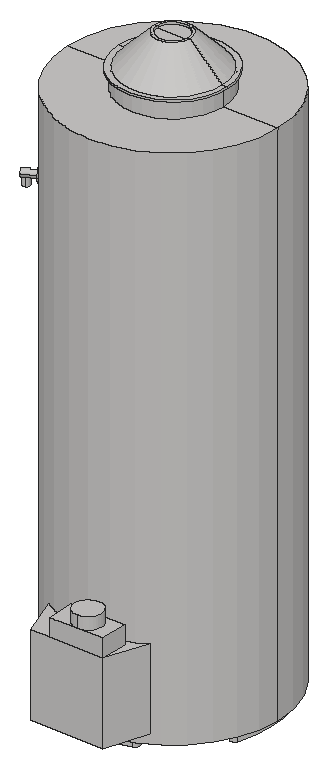
Revit family "DC_Rheem_PLM_HeavyDutyGas_620260", category Plumbing Fixtures, host Face, Revit 2018
Family settings
  Host = Face
  Round Connector Dimension = Use Radius
  Part Type = Normal
  Cut with Voids When Loaded = No
  Shared = No
  Room Calculation Point = No
Parameters (values of type "Heavy Duty Gas Storage - Indoor - 260L - 51 MJ/h - Natural gas")
  URL = "http://www.rheem.com.au/CommercialProducts"
  Type Comments = "385L first hour delivery @ 50oC rise\r\n"
  TotalHeightH1_ANZRS = 1660 mm
  T&PRConnectionRadius_ANZRS = 20 mm
  Thickness_ANZRS = 77 mm
  Model = "620260N0\r\n"
  Materials_ANZRS = Rheem - Joey Grey Steel
  Manufacturer = "Rheem\r\n"
  HotWaterPipeRadius_ANZRS = HotWaterPipeDiameterD1_ANZRS / 2  # 16 mm
  HotWaterPipeHeightH2_ANZRS = 988 mm
  HotWaterPipeDiameterD1_ANZRS = 32 mm
  HeightH2_ANZRS = 1520 mm
  GasPipeRadius_ANZRS = GasPipeDiameterD2_ANZRS / 2  # 7.5 mm
  GasPipeDiameterD2_ANZRS = 15 mm
  GasInletHeightH3_ANZRS = 297 mm
  FireProofBase_ANZRS = 50 mm
  DesignBy_ANZRS = "Design Content ©\r\n"
  Description = " Heavy Duty Gas Storage - Indoor - 260L - 51 MJ/h - Natural gas\r\n"
  Default Elevation = 0 mm
  CylinderRadius_ANZRS = CylinderDiameterD3_ANZRS / 2  # 296.5 mm
  CylinderDiameterD3_ANZRS = 593 mm
  ColdWaterPipeRadius_ANZRS = ColdWaterPipeDiameterD4_ANZRS / 2  # 16 mm
  ColdWaterPipeDiameterD4_ANZRS = 32 mm
  ColdWaterInletHeightH4_ANZRS = 278 mm
  Author_ANZRS = "DM"
  A1_ANZRS = CylinderDiameterD3_ANZRS / 2 + 30 mm  # 326.5 mm
Types (3, lengths in mm): name | Model | Description | ColdWaterInletHeightH4_ANZRS
  (no name) | "620260N0\r\n" | " Heavy Duty Gas Storage - Indoor - 260L - 51 MJ/h - Natural gas\r\n" | 278
  Heavy Duty Gas Storage - Indoor - 260L - 51 MJ/h - Natural gas | "620260N0\r\n" | " Heavy Duty Gas Storage - Indoor - 260L - 51 MJ/h - Natural gas\r\n" | 278
  Heavy Duty Gas Storage - Indoor - 260L - 47 MJ/h - Propane gas | "620260P0\r\n" | " Heavy Duty Gas Storage - Indoor - 260L - 47 MJ/h - Propane gas\r\n Heavy Duty Gas Storage - Indoor - 260L - 47 MJ/h - Propane gas\r\n" | 328
Reference planes
  plane 1 "Center (Front/Back)": y = 0
  plane 2: z = 0
  plane 3 "Center (Left/Right)": x = 0
  plane 4: z = 0
  plane 5 "Gas": z = 297
  plane 6: z = 278
  plane 7: z = 1520
  plane 8: z = 1660
  plane 9: x = -296.5
  plane 10: x = 296.5
  plane 11: z = 25
  plane 12: y = 296.5
  plane 13: y = -296.5
  plane 14: y = 373.5
  plane 15: y = -373.5
  plane 16: x = 373.5
  plane 17: x = -373.5
  plane 18: x = 50
  plane 19: x = -50
  plane 20: z = 1572.5
  plane 21: z = 1567.5
  plane 22 "Gas Ref": y = -328.5
  plane 23: x = -101.526
  plane 24: x = 101.526
  plane 25: z = 50
  plane 26: through (0, 0, 1219.2) normal (0.454, -0.891, 0)
  plane 27: z = 1316
  plane 28 "A": through (0, 0, 1219.2) normal (0.891, 0.454, 0)
  plane 29: through (-290.914, -148.228, 1219.2) normal (0.891, 0.454, 0)
  plane 30: through (-255.273, -130.068, 1219.2) normal (0.891, 0.454, 0)
  plane 31: x = -306.5
  plane 32: x = -286.5
  plane 33: z = 278
  plane 34: x = -52.817
  plane 35: z = 328
Forms (mm)
  Revolve 1, solid, material "Rheem - Joey Grey Steel" <- "Materials_ANZRS"
    sketch origin (0, 0, 0) x (1, 0, 0) y (0, 0, 1)
      loop
        line (0, 25) -> (296.5, 25) -> (296.5, 1520) -> (0, 1520) -> (0, 25)
      axis (0, 1520) -> (0, 25)
    angle from 0 to 360
  Extrusion 2, solid, material "Rheem - Joey Grey Steel" <- "Materials_ANZRS"
    sketch origin (0, 0, 0) x (1, 0, 0) y (0, 1, 0)
      loop
        arc (85.505, 234.923) -> (101.526, 242.394) -> (94.056, 258.415) r 12.5
        arc (94.056, 258.415) -> (0, 275) -> (-94.056, 258.415) r 275
        arc (-94.056, 258.415) -> (-101.526, 242.394) -> (-85.505, 234.923) r 12.5
        arc (-85.505, 234.923) -> (0, 250) -> (85.505, 234.923) r 250
      loop
        arc (85.505, -234.923) -> (0, -250) -> (-85.505, -234.923) r 250
        arc (-85.505, -234.923) -> (-101.526, -242.394) -> (-94.056, -258.415) r 12.5
        arc (-94.056, -258.415) -> (0, -275) -> (94.056, -258.415) r 275
        arc (94.056, -258.415) -> (101.526, -242.394) -> (85.505, -234.923) r 12.5
      loop
        arc (234.923, 85.505) -> (250, 0) -> (234.923, -85.505) r 250
        arc (234.923, -85.505) -> (242.394, -101.526) -> (258.415, -94.056) r 12.5
        arc (258.415, -94.056) -> (275, 0) -> (258.415, 94.056) r 275
        arc (258.415, 94.056) -> (242.394, 101.526) -> (234.923, 85.505) r 12.5
      loop
        arc (-234.923, 85.505) -> (-242.394, 101.526) -> (-258.415, 94.056) r 12.5
        arc (-258.415, 94.056) -> (-275, 0) -> (-258.415, -94.056) r 275
        arc (-258.415, -94.056) -> (-242.394, -101.526) -> (-234.923, -85.505) r 12.5
        arc (-234.923, -85.505) -> (-250, 0) -> (-234.923, 85.505) r 250
    from 0 to 25
  Revolve 3, solid, material "Rheem - Joey Grey Steel" <- "Materials_ANZRS"
    sketch origin (0, 0, 0) x (1, 0, 0) y (0, 0, 1)
      loop
        line (42.903, 1660) -> (42.903, 1655) -> (0, 1655) -> (0, 1520) -> (142.5, 1520) -> (142.5, 1567.5) -> (152.5, 1567.5) -> (152.5, 1572.5) -> (137.5, 1572.5) -> (50, 1660) -> (42.903, 1660)
      axis (0, 1660) -> (0, 1520)
    angle from 0 to 360
  Extrusion 4, solid, material "Rheem - Joey Grey Steel" <- "Materials_ANZRS"
    sketch origin (0, 0, 0) x (1, 0, 0) y (0, 1, 0)
      loop
        line (-101.526, -373.5) -> (101.526, -373.5) -> (142.916, -259.783)
        arc (142.916, -259.783) -> (0, -296.5) -> (-142.916, -259.783) r 296.5
        line (-142.916, -259.783) -> (-101.526, -373.5)
    from 50 to 278
  Extrusion 5, solid, material "Rheem - Joey Grey Steel" <- "Materials_ANZRS"
    sketch origin (0, 27.029, 0) x (1, 0, 0) y (0, 1, 0)
      loop
        line (-48.474, -325.165) -> (-48.474, -400.928) -> (101.526, -400.928) -> (101.526, -325.165) -> (-48.474, -325.165)
    from 328.014 to 278
  Extrusion 6, solid, material "Rheem - Joey Grey Steel" <- "Materials_ANZRS"
    sketch origin (0, 27.029, 0) x (1, 0, 0) y (0, 1, 0)
      loop
        circle (29.783, -362.847) r 37.682
    from 328.014 to 361.427
  Extrusion 7, solid, material "Rheem - Joey Grey Steel" <- "Materials_ANZRS"
    sketch origin (0, 0, 0) x (0, 1, 0) y (0, 0, 1)
      loop
        circle (0, 1316) r 16
      loop
        circle (0, 328) r 16
    from -306.5 to -286.5
  Extrusion 8, solid, material "Rheem - Joey Grey Steel" <- "Materials_ANZRS"
    sketch origin (0, 0, 0) x (0, 1, 0) y (0, 0, 1)
      loop
        circle (-328.5, 297) r 7.5
    from -48.474 to -52.817
Cuts and joins
  joined: Revolve 1, Extrusion 2, Revolve 3, Extrusion 4, Extrusion 5, Extrusion 6, Extrusion 7
Lines and regions (mm)
  Masking region 1
    outline origin (0, 0, 0) x (1, 0, 0) y (0, 0, 1)
      loop
        line (50, 1660) -> (-50, 1660) -> (-137.5, 1572.5) -> (-152.5, 1572.5) -> (-152.5, 1567.5) -> (-142.5, 1567.5) -> (-142.5, 1520) -> (-296.5, 1520) -> (-296.5, 1331.968) -> (-306.5, 1331.968) -> (-306.5, 1324.578)
        arc (-306.5, 1324.578) -> (-308.791, 1316) -> (-306.5, 1307.422) r 17.205
        line (-306.5, 1307.422) -> (-306.5, 1300.002) -> (-303.267, 1300.002) -> (-303.267, 1286.926) -> (-296.5, 1286.926) -> (-296.5, 323) -> (-306.5, 323) -> (-306.5, 271.5) -> (-296.5, 271.5) -> (-296.5, 25) -> (-275, 25) -> (-275, 0) -> (275, 0) -> (275, 25) -> (296.5, 25) -> (296.5, 1520) -> (142.5, 1520) -> (142.5, 1567.5) -> (152.5, 1567.5) -> (152.5, 1572.5) -> (137.5, 1572.5) -> (50, 1660)
  Masking region 2
    outline origin (0, 0, 0) x (0, 1, 0) y (0, 0, 1)
      loop
        line (296.5, 25) -> (296.5, 1520) -> (142.5, 1520) -> (142.5, 1567.5) -> (152.5, 1567.5) -> (152.5, 1572.5) -> (137.5, 1572.5) -> (50, 1660) -> (0, 1660) -> (-50, 1660) -> (-137.5, 1572.5) -> (-152.5, 1572.5) -> (-152.5, 1567.5) -> (-142.5, 1567.5) -> (-142.5, 1520) -> (-296.5, 1520) -> (-296.5, 361.427) -> (-373.5, 361.427) -> (-373.5, 50) -> (-296.5, 50) -> (-296.5, 25) -> (-275, 25) -> (-275, 0) -> (275, 0) -> (275, 25) -> (296.5, 25)
  symbolic lines, style "Rheem Heavy Duty Gas", detail levels fine
    curve 1: arc (296.5, 0, 0) -> (0, 296.5, 0) -> (-296.5, 0, 0) r 296.5
    curve 2: arc (-296.5, 0, 0) -> (0, -296.5, 0) -> (296.5, 0, 0) r 296.5
    curve 3: arc (-152.5, 0, 0) -> (0, -152.5, 0) -> (152.5, 0, 0) r 152.5
    curve 4: arc (137.5, 0, 0) -> (0, -137.5, 0) -> (-137.5, 0, 0) r 137.5
    curve 5: arc (-137.5, 0, 0) -> (0, 137.5, 0) -> (137.5, 0, 0) r 137.5
    curve 6: arc (152.5, 0, 0) -> (0, 152.5, 0) -> (-152.5, 0, 0) r 152.5
    curve 7: arc (50, 0, 0) -> (0, 50, 0) -> (-50, 0, 0) r 50
    curve 8: arc (42.903, 0, 0) -> (0, 42.903, 0) -> (-42.903, 0, 0) r 42.903
    curve 9: arc (-42.903, 0, 0) -> (0, -42.903, 0) -> (42.903, 0, 0) r 42.903
    curve 10: arc (-50, 0, 0) -> (0, -50, 0) -> (50, 0, 0) r 50
    curve 11: line (-142.916, -259.783, 0) -> (-101.526, -373.5, 0)
    curve 12: line (-101.526, -373.5, 0) -> (-48.474, -373.5, 0)
    curve 13: line (101.526, -373.5, 0) -> (142.916, -259.783, 0)
    curve 14: line (101.526, -298.135, 0) -> (-48.474, -298.135, 0)
    curve 15: line (101.526, -373.899, 0) -> (101.526, -298.135, 0)
    curve 16: line (-48.474, -373.899, 0) -> (101.526, -373.899, 0)
    curve 17: line (-48.474, -298.135, 0) -> (-48.474, -373.899, 0)
    curve 18: arc (29.783, -298.135, 0) -> (-7.9, -335.818, 0) -> (29.783, -373.5, 0) r 37.682
    curve 19: arc (29.783, -373.5, 0) -> (67.465, -335.818, 0) -> (29.783, -298.135, 0) r 37.682
    curve 20: line (-306.5, 45, 0) -> (-293.065, 45, 0)
    curve 21: line (-306.5, -45, 0) -> (-306.5, 45, 0)
    curve 22: line (-293.065, -45, 0) -> (-306.5, -45, 0)
    curve 23: line (50, 0, 1660) -> (-50, 0, 1660)
    curve 24: line (152.5, 0, 1572.5) -> (-152.5, 0, 1572.5)
    curve 25: line (152.5, 0, 1567.5) -> (-152.5, 0, 1567.5)
    curve 26: line (296.5, 0, 1520) -> (-296.5, 0, 1520)
    curve 27: line (296.5, 0, 1520) -> (296.5, 0, 25)
    curve 28: line (-296.5, 0, 1520) -> (-296.5, 0, 1324.578)
    curve 29: line (-306.5, 0, 323) -> (-306.5, 0, 271.5)
    curve 30: line (-306.5, 0, 323) -> (-296.5, 0, 323)
    curve 31: line (-306.5, 0, 271.5) -> (-296.5, 0, 271.5)
    curve 32: line (296.5, 0, 25) -> (-296.5, 0, 25)
    curve 33: line (-101.526, 0, 25) -> (-101.526, 0, 0)
    curve 34: line (101.526, 0, 25) -> (101.526, 0, 0)
    curve 35: line (-275, 0, 25) -> (-234.923, 0, 25)
    curve 36: line (-275, 0, 0) -> (-275, 0, 25)
    curve 37: line (-234.923, 0, 0) -> (-275, 0, 0)
    curve 38: line (-234.923, 0, 25) -> (-234.923, 0, 0)
    curve 39: line (275, 0, 25) -> (234.923, 0, 25)
    curve 40: line (275, 0, 0) -> (275, 0, 25)
    curve 41: line (234.923, 0, 0) -> (275, 0, 0)
    curve 42: line (234.923, 0, 25) -> (234.923, 0, 0)
    curve 43: line (-296.5, 0, 1286.926) -> (-296.5, 0, 25)
    curve 44: line (-50, 0, 1660) -> (-137.5, 0, 1572.5)
    curve 45: line (-142.5, 0, 1567.5) -> (-142.5, 0, 1520)
    curve 46: line (142.5, 0, 1567.5) -> (142.5, 0, 1520)
    curve 47: line (50, 0, 1660) -> (137.5, 0, 1572.5)
    curve 48: line (-142.916, 0, 278) -> (142.916, 0, 278)
    curve 49: line (-142.916, 0, 50) -> (-142.916, 0, 278)
    curve 50: line (142.916, 0, 50) -> (-142.916, 0, 50)
    curve 51: line (142.916, 0, 278) -> (142.916, 0, 50)
    curve 52: line (-101.526, 0, 278) -> (101.526, 0, 278)
    curve 53: line (-101.526, 0, 50) -> (-101.526, 0, 278)
    curve 54: line (101.526, 0, 50) -> (-101.526, 0, 50)
    curve 55: line (101.526, 0, 278) -> (101.526, 0, 50)
    curve 56: line (-48.474, 0, 328.014) -> (101.526, 0, 328.014)
    curve 57: line (-48.474, 0, 278) -> (-48.474, 0, 328.014)
    curve 58: line (101.526, 0, 278) -> (-48.474, 0, 278)
    curve 59: line (101.526, 0, 328.014) -> (101.526, 0, 278)
    curve 60: line (-7.9, 0, 361.427) -> (67.465, 0, 361.427)
    curve 61: line (-7.9, 0, 328.014) -> (-7.9, 0, 361.427)
    curve 62: line (67.465, 0, 328.014) -> (-7.9, 0, 328.014)
    curve 63: line (67.465, 0, 361.427) -> (67.465, 0, 328.014)
    curve 64: line (0, 296.5, 1520) -> (0, -296.5, 1520)
    curve 65: line (0, 296.5, 25) -> (0, 296.5, 1520)
    curve 66: line (0, -296.5, 25) -> (0, 296.5, 25)
    curve 67: line (0, -296.5, 1520) -> (0, -296.5, 297)
    curve 68: line (0, 102.28, 0) -> (0, 102.28, 25)
    curve 69: line (0, -102.28, 0) -> (0, 102.28, 0)
    curve 70: line (0, -102.28, 25) -> (0, -102.28, 0)
    curve 71: line (0, -234.169, 0) -> (0, -234.169, 25)
    curve 72: line (0, -275, 0) -> (0, -234.169, 0)
    curve 73: line (0, -275, 25) -> (0, -275, 0)
    curve 74: line (0, 234.169, 0) -> (0, 234.169, 25)
    curve 75: line (0, 275, 0) -> (0, 234.169, 0)
    curve 76: line (0, 275, 25) -> (0, 275, 0)
    curve 77: line (0, -259.783, 278) -> (0, -373.5, 278)
    curve 78: line (0, -259.783, 50) -> (0, -259.783, 278)
    curve 79: line (0, -373.5, 50) -> (0, -259.783, 50)
    curve 80: line (0, -373.5, 278) -> (0, -373.5, 50)
    curve 81: line (0, -296.5, 361.427) -> (0, -372.264, 361.427)
    curve 82: line (0, -296.5, 278) -> (0, -296.5, 361.427)
    curve 83: line (0, -372.264, 278) -> (0, -373.5, 278)
    curve 84: line (0, -372.264, 361.427) -> (0, -372.264, 278)
    curve 85: line (0, -296.5, 361.427) -> (0, -372.264, 361.427)
    curve 86: line (0, -296.5, 50) -> (0, -296.5, 25)
    curve 87: arc (0, -16, 328) -> (0, 0, 312) -> (0, 16, 328) r 16
    curve 88: arc (0, 16, 328) -> (0, 0, 344) -> (0, -16, 328) r 16
    curve 89: arc (0, -16, 1316) -> (0, 0, 1300) -> (0, 16, 1316) r 16
    curve 90: arc (0, 16, 1316) -> (0, 0, 1332) -> (0, -16, 1316) r 16
    curve 91: line (0, 50, 1660) -> (0, -50, 1660)
    curve 92: line (0, -50, 1660) -> (0, -137.5, 1572.5)
    curve 93: line (0, -137.5, 1572.5) -> (0, 137.5, 1572.5)
    curve 94: line (0, 137.5, 1572.5) -> (0, 50, 1660)
    curve 95: line (0, 152.5, 1572.5) -> (0, -152.5, 1572.5)
    curve 96: line (0, 152.5, 1567.5) -> (0, 152.5, 1572.5)
    curve 97: line (0, -152.5, 1567.5) -> (0, 152.5, 1567.5)
    curve 98: line (0, -152.5, 1572.5) -> (0, -152.5, 1567.5)
    curve 99: line (0, 142.5, 1567.5) -> (0, 142.5, 1520)
    curve 100: line (0, -142.5, 1567.5) -> (0, -142.5, 1520)
    curve 101: spline (-260.158, 0, 1342.38) -> (-257.806, 0, 1341.481) -> (-255.616, 0, 1338.846) -> (-253.734, 0, 1334.653) -> (-252.291, 0, 1329.19) -> (-251.383, 0, 1322.828) -> (-251.074, 0, 1316) -> (-251.383, 0, 1309.172) -> (-252.291, 0, 1302.81) -> (-253.734, 0, 1297.347) -> (-255.616, 0, 1293.154) -> (-257.806, 0, 1290.519) -> (-260.158, 0, 1289.62)
    curve 102: spline (-267.273, 0, 1289.62) -> (-268.21, 0, 1289.761) -> (-269.136, 0, 1290.181) -> (-270.043, 0, 1290.877) -> (-270.921, 0, 1291.84) -> (-271.759, 0, 1293.061) -> (-272.55, 0, 1294.527) -> (-273.284, 0, 1296.221) -> (-273.954, 0, 1298.127) -> (-274.553, 0, 1300.223) -> (-275.075, 0, 1302.487) -> (-275.513, 0, 1304.895) -> (-275.863, 0, 1307.422)
    curve 103: line (-267.273, 0, 1342.38) -> (-260.158, 0, 1342.38)
    curve 104: line (-267.273, 0, 1289.62) -> (-260.158, 0, 1289.62)
    curve 105: spline (-275.295, 0, 1307.422) -> (-272.871, 0, 1301.218) -> (-269.456, 0, 1297.871) -> (-265.709, 0, 1298.029) -> (-262.356, 0, 1301.66) -> (-260.044, 0, 1308.063) -> (-259.22, 0, 1316) -> (-260.044, 0, 1323.937) -> (-262.356, 0, 1330.34) -> (-265.709, 0, 1333.971) -> (-269.456, 0, 1334.129) -> (-272.871, 0, 1330.782) -> (-275.295, 0, 1324.578)
    curve 106: line (-306.5, 0, 1324.578) -> (-266.5, 0, 1324.578)
    curve 107: line (-266.5, 0, 1307.422) -> (-306.5, 0, 1307.422)
    curve 108: arc (-306.5, 0, 1324.578) -> (-308.791, 0, 1316) -> (-306.5, 0, 1307.422) r 17.205
    curve 109: spline (-275.863, 0, 1324.578) -> (-275.513, 0, 1327.105) -> (-275.075, 0, 1329.513) -> (-274.553, 0, 1331.777) -> (-273.954, 0, 1333.873) -> (-273.284, 0, 1335.779) -> (-272.55, 0, 1337.473) -> (-271.759, 0, 1338.939) -> (-270.921, 0, 1340.16) -> (-270.043, 0, 1341.123) -> (-269.136, 0, 1341.819) -> (-268.21, 0, 1342.239) -> (-267.273, 0, 1342.38)
    curve 110: arc (-266.5, 0, 1324.578) -> (-263.095, 0, 1316) -> (-266.5, 0, 1307.422) r 12.508
    curve 112: line (-302.372, 0, 1286.926) -> (-302.372, 0, 1307.422)
    curve 113: line (-286.5, 0, 1286.926) -> (-286.5, 0, 1307.422)
    curve 114: line (-302.372, 0, 1286.926) -> (-286.5, 0, 1286.926)
    curve 115: arc (0, -159.161, 1307.457) -> (0, -158.276, 1305.219) -> (0, -157.191, 1303.072) r 26.307
    curve 116: line (0, -132.547, 1324.684) -> (0, -159.112, 1324.684)
    curve 117: line (0, -132.547, 1307.457) -> (0, -139.427, 1307.457)
    curve 118: arc (0, -132.547, 1324.684) -> (0, -128.022, 1316.07) -> (0, -132.547, 1307.457) r 10.461
    curve 119: arc (0, -159.112, 1324.684) -> (0, -163.495, 1316.036) -> (0, -158.981, 1307.457) r 10.564
    curve 120: line (0, -139.427, 1307.457) -> (0, -139.427, 1286.926)
    curve 121: line (0, -139.427, 1286.926) -> (0, -157.191, 1286.926)
    curve 122: line (0, -157.191, 1286.926) -> (0, -157.191, 1307.457)
    curve 123: arc (0, -139.427, 1307.457) -> (0, -148.309, 1309.649) -> (0, -157.191, 1307.457) r 19.085
    curve 124: line (0, -157.191, 1307.457) -> (0, -159.161, 1307.457)
    curve 125: arc (0, -139.427, 1298.433) -> (0, -122.11, 1324.16) -> (0, -153.118, 1324.684) r 17.646
    curve 126: arc (0, -139.427, 1290.202) -> (0, -111.434, 1329.042) -> (0, -159.112, 1324.684) r 26.307
    curve 127: arc (0, -157.191, 1307.457) -> (0, -151.312, 1316.07) -> (0, -157.191, 1324.684) r 9.249
  symbolic lines, style "Rheem Heavy Duty Gas"
    curve 111: line (-306.5, 0, 1307.422) -> (-306.5, 0, 1287.422)
Dimensions and locks
  "GasInletHeightH3_ANZRS": plane 5 "Gas" to host face
  "ColdWaterInletHeightH4_ANZRS": plane 6 to host face
  "HeightH2_ANZRS": plane 7 to host face
  "TotalHeightH1_ANZRS": plane 8 to host face
  equal spacing: plane 10, plane 3 "Center (Left/Right)", plane 9
  "CylinderDiameterD3_ANZRS": plane 10 to plane 9
  locked: plane 11 to plane 4 at 25
  equal spacing: plane 12, plane 1 "Center (Front/Back)", plane 13
  "CylinderDiameterD3_ANZRS": plane 12 to plane 13
  "Thickness_ANZRS": plane 10 to plane 16
  "Thickness_ANZRS": plane 14 to plane 12
  "Thickness_ANZRS": plane 15 to plane 13
  "Thickness_ANZRS": plane 17 to plane 9
  equal spacing: plane 18, plane 3 "Center (Left/Right)", plane 19
  plane 19 to plane 18 = 100 mm
  plane 12 to plane 22 "Gas Ref" = 625 mm
  locked: plane 25 to plane 11 at 25
  "A1_ANZRS": plane 28 "A" to plane 29
  locked: plane 30 to plane 29 at 40
  locked: plane 31 to plane 9 at 10
  locked: plane 9 to plane 32 at 10
  locked: plane 34 to cut or joined group of Revolve 1, Extrusion 2, Revolve 3, Extrusion 4, Extrusion 5, Extrusion 6, Extrusion 7 at 4.343
  plane 6 to plane 4 = 278 mm
  plane 5 "Gas" to plane 4 = 297 mm  (x2)
  plane 33 to plane 4 = 278 mm
  cut or joined group of Revolve 1, Extrusion 2, Revolve 3, Extrusion 4, Extrusion 5, Extrusion 6, Extrusion 7 to plane 12 = 670.399 mm
  plane 35 to level = 328 mm
  "HotWaterPipeHeightH2_ANZRS": plane 27 to plane 35
  "ColdWaterPipeRadius_ANZRS": radius of Extrusion 7 sketch curve
  "HotWaterPipeRadius_ANZRS": radius of Extrusion 7 sketch curve
  "GasPipeRadius_ANZRS": radius of Extrusion 8 sketch curve
  angle plane 1 "Center (Front/Back)" to plane 26 = 27.00°
  aligned and locked: plane 2 to host face
  aligned and locked: level to host face
  aligned and locked: Revolve 1 sketch curve to plane 3 "Center (Left/Right)"
  aligned and locked: Revolve 1 sketch curve to plane 10
  aligned and locked: Revolve 1 sketch curve to plane 11
  aligned and locked: Revolve 1 to Extrusion 2
  aligned and locked: Extrusion 2 to plane 4
  aligned and locked: plane 7 to Revolve 1 sketch curve
  aligned and locked: plane 18 to Revolve 3 sketch curve
  aligned and locked: Revolve 3 sketch curve to plane 8
  aligned and locked: Extrusion 4 sketch curve to Revolve 1
  aligned: plane 5 "Gas" to Extrusion 4
  aligned and locked: Extrusion 4 to plane 25
  aligned: Extrusion 5 to plane 5 "Gas"
  aligned and locked: plane 1 "Center (Front/Back)" to Extrusion 7 sketch curve  (x2)
  aligned and locked: plane 27 to Extrusion 7 sketch curve
  aligned and locked: Extrusion 7 to plane 31
  aligned and locked: Extrusion 7 to plane 32
  aligned and locked: curve 1 to cut or joined group of Revolve 1, Extrusion 2, Revolve 3, Extrusion 4, Extrusion 5, Extrusion 6, Extrusion 7
  aligned and locked: curve 2 to cut or joined group of Revolve 1, Extrusion 2, Revolve 3, Extrusion 4, Extrusion 5, Extrusion 6, Extrusion 7
  aligned and locked: curve 3 to cut or joined group of Revolve 1, Extrusion 2, Revolve 3, Extrusion 4, Extrusion 5, Extrusion 6, Extrusion 7
  aligned and locked: curve 4 to cut or joined group of Revolve 1, Extrusion 2, Revolve 3, Extrusion 4, Extrusion 5, Extrusion 6, Extrusion 7
  aligned and locked: curve 5 to cut or joined group of Revolve 1, Extrusion 2, Revolve 3, Extrusion 4, Extrusion 5, Extrusion 6, Extrusion 7
  aligned and locked: curve 6 to cut or joined group of Revolve 1, Extrusion 2, Revolve 3, Extrusion 4, Extrusion 5, Extrusion 6, Extrusion 7
  aligned and locked: curve 7 to cut or joined group of Revolve 1, Extrusion 2, Revolve 3, Extrusion 4, Extrusion 5, Extrusion 6, Extrusion 7
  aligned and locked: curve 8 to cut or joined group of Revolve 1, Extrusion 2, Revolve 3, Extrusion 4, Extrusion 5, Extrusion 6, Extrusion 7
  aligned and locked: curve 9 to cut or joined group of Revolve 1, Extrusion 2, Revolve 3, Extrusion 4, Extrusion 5, Extrusion 6, Extrusion 7
  aligned and locked: curve 10 to cut or joined group of Revolve 1, Extrusion 2, Revolve 3, Extrusion 4, Extrusion 5, Extrusion 6, Extrusion 7
  aligned and locked: curve 11 to cut or joined group of Revolve 1, Extrusion 2, Revolve 3, Extrusion 4, Extrusion 5, Extrusion 6, Extrusion 7
  aligned and locked: curve 12 to cut or joined group of Revolve 1, Extrusion 2, Revolve 3, Extrusion 4, Extrusion 5, Extrusion 6, Extrusion 7
  aligned and locked: curve 13 to cut or joined group of Revolve 1, Extrusion 2, Revolve 3, Extrusion 4, Extrusion 5, Extrusion 6, Extrusion 7
  aligned and locked: curve 18 to cut or joined group of Revolve 1, Extrusion 2, Revolve 3, Extrusion 4, Extrusion 5, Extrusion 6, Extrusion 7
  aligned and locked: curve 19 to cut or joined group of Revolve 1, Extrusion 2, Revolve 3, Extrusion 4, Extrusion 5, Extrusion 6, Extrusion 7
  aligned and locked: curve 21 to cut or joined group of Revolve 1, Extrusion 2, Revolve 3, Extrusion 4, Extrusion 5, Extrusion 6, Extrusion 7
  aligned and locked: Masking region 1 sketch curve to cut or joined group of Revolve 1, Extrusion 2, Revolve 3, Extrusion 4, Extrusion 5, Extrusion 6, Extrusion 7  (x5)
  aligned and locked: plane 10 to Masking region 1 sketch curve
  aligned and locked: Masking region 1 sketch curve to plane 9
  aligned and locked: cut or joined group of Revolve 1, Extrusion 2, Revolve 3, Extrusion 4, Extrusion 5, Extrusion 6, Extrusion 7 to Masking region 1 sketch curve
  aligned and locked: curve 64 to cut or joined group of Revolve 1, Extrusion 2, Revolve 3, Extrusion 4, Extrusion 5, Extrusion 6, Extrusion 7
  aligned and locked: plane 12 to curve 65
  aligned and locked: curve 66 to cut or joined group of Revolve 1, Extrusion 2, Revolve 3, Extrusion 4, Extrusion 5, Extrusion 6, Extrusion 7
  aligned and locked: plane 13 to curve 67
  aligned and locked: curve 87 to cut or joined group of Revolve 1, Extrusion 2, Revolve 3, Extrusion 4, Extrusion 5, Extrusion 6, Extrusion 7
  aligned and locked: curve 88 to cut or joined group of Revolve 1, Extrusion 2, Revolve 3, Extrusion 4, Extrusion 5, Extrusion 6, Extrusion 7
  aligned and locked: curve 89 to cut or joined group of Revolve 1, Extrusion 2, Revolve 3, Extrusion 4, Extrusion 5, Extrusion 6, Extrusion 7
  aligned and locked: curve 90 to cut or joined group of Revolve 1, Extrusion 2, Revolve 3, Extrusion 4, Extrusion 5, Extrusion 6, Extrusion 7
  aligned and locked: Masking region 2 sketch curve to curve 65
  aligned and locked: Masking region 2 sketch curve to cut or joined group of Revolve 1, Extrusion 2, Revolve 3, Extrusion 4, Extrusion 5, Extrusion 6, Extrusion 7  (x9)
  aligned and locked: cut or joined group of Revolve 1, Extrusion 2, Revolve 3, Extrusion 4, Extrusion 5, Extrusion 6, Extrusion 7 to Masking region 2 sketch curve  (x4)
  aligned and locked: Masking region 2 sketch curve to curve 67
  aligned and locked: Masking region 2 sketch curve to curve 86
  aligned and locked: Masking region 2 sketch curve to curve 76
  aligned and locked: Masking region 2 sketch curve to curve 73
  aligned and locked: Masking region 2 sketch curve to curve 99
  aligned and locked: Masking region 2 sketch curve to curve 94
  aligned and locked: Masking region 2 sketch curve to curve 96
  aligned and locked: Masking region 2 sketch curve to curve 92
  aligned and locked: Masking region 2 sketch curve to curve 98
  aligned and locked: Masking region 2 sketch curve to curve 100
  aligned and locked: curve 77 to cut or joined group of Revolve 1, Extrusion 2, Revolve 3, Extrusion 4, Extrusion 5, Extrusion 6, Extrusion 7
  aligned and locked: plane 33 to cut or joined group of Revolve 1, Extrusion 2, Revolve 3, Extrusion 4, Extrusion 5, Extrusion 6, Extrusion 7
  aligned and locked: cut or joined group of Revolve 1, Extrusion 2, Revolve 3, Extrusion 4, Extrusion 5, Extrusion 6, Extrusion 7 to plane 33
  aligned and locked: plane 5 "Gas" to Extrusion 8 sketch curve
  aligned and locked: plane 22 "Gas Ref" to Extrusion 8 sketch curve
  aligned and locked: cut or joined group of Revolve 1, Extrusion 2, Revolve 3, Extrusion 4, Extrusion 5, Extrusion 6, Extrusion 7 to Extrusion 8
  aligned and locked: Extrusion 8 to plane 34
  aligned and locked: curve 52 to plane 33
  aligned and locked: plane 35 to Extrusion 7 sketch curve
Automatic sketch dimensions
  host sketch curve to host sketch curve = 2438.4 mm  (x2)
  Revolve 1 sketch curve to plane 3 "Center (Left/Right)" = 0 mm
  Revolve 1 sketch curve to level = 609.6 mm
  Revolve 1 sketch curve to Revolve 1 sketch curve = 1089.058 mm
  Extrusion 2 sketch curve to Extrusion 2 sketch curve = 0 mm  (x68)
  plane 1 "Center (Front/Back)" to Extrusion 2 sketch curve = 0 mm
  Extrusion 2 sketch curve to plane 3 "Center (Left/Right)" = 0 mm
  Extrusion 2 sketch curve to plane 3 "Center (Left/Right)" = 85.505 mm  (x2)
  Extrusion 2 sketch curve to Extrusion 2 sketch curve = 4.275 mm  (x4)
  plane 9 to Extrusion 2 sketch curve = 61.577 mm  (x2)
  Extrusion 2 sketch curve to Extrusion 2 sketch curve = 11.746 mm  (x4)
  plane 3 "Center (Left/Right)" to Extrusion 2 sketch curve = 85.505 mm  (x2)
  plane 10 to Extrusion 2 sketch curve = 61.577 mm  (x2)
  plane 1 "Center (Front/Back)" to Extrusion 2 sketch curve = 85.505 mm  (x2)
  Extrusion 2 sketch curve to Extrusion 2 sketch curve = 149.418 mm  (x2)
  Revolve 3 sketch curve to plane 3 "Center (Left/Right)" = 0 mm  (x2)
  Revolve 3 sketch curve to Revolve 3 sketch curve = 7.097 mm
  plane 7 to Revolve 3 sketch curve = 52.5 mm
  Revolve 3 sketch curve to Revolve 3 sketch curve = 94.597 mm
  Revolve 3 sketch curve to Revolve 3 sketch curve = 5 mm  (x2)
  Revolve 3 sketch curve to Revolve 3 sketch curve = 10 mm
  Revolve 3 sketch curve to level = 609.6 mm
  Revolve 3 sketch curve to plane 8 = 5 mm
  Revolve 3 sketch curve to Revolve 3 sketch curve = 949.058 mm
  Revolve 3 sketch curve to plane 7 = 0 mm
  Extrusion 4 sketch curve to plane 23 = 0 mm
  Extrusion 4 sketch curve to plane 24 = 0 mm
  Extrusion 4 sketch curve to plane 13 = 36.717 mm  (x2)
  Extrusion 6 sketch curve to Extrusion 6 sketch curve = 0 mm  (x2)
  Extrusion 6 sketch curve to plane 18 = 20.217 mm
  plane 15 to Extrusion 6 sketch curve = 0 mm
  Extrusion 6 sketch curve to plane 15 = 37.682 mm
  plane 15 to Extrusion 4 sketch curve = 0 mm
  plane 9 to curve 22 = 3.435 mm
  plane 9 to curve 20 = 3.435 mm
  Extrusion 5 sketch curve to plane 24 = 0 mm
  Extrusion 5 sketch curve to plane 19 = 1.526 mm
  plane 15 to Extrusion 5 sketch curve = 0.399 mm
  plane 13 to Extrusion 5 sketch curve = 1.635 mm
  Masking region 1 sketch curve to plane 31 = 0 mm  (x2)
  Masking region 1 sketch curve to plane 9 = 0 mm  (x2)
  Masking region 1 sketch curve to plane 27 = 0 mm
  Masking region 1 sketch curve to plane 11 = 0 mm
  Masking region 1 sketch curve to plane 4 = 0 mm
  Masking region 1 sketch curve to plane 20 = 0 mm
  Masking region 1 sketch curve to plane 21 = 0 mm
  Masking region 1 sketch curve to plane 7 = 0 mm
  Masking region 1 sketch curve to plane 19 = 0 mm
  Masking region 1 sketch curve to plane 18 = 0 mm
  plane 31 to Masking region 1 sketch curve = 3.233 mm
  plane 9 to Masking region 1 sketch curve = 4.914 mm
  Masking region 1 sketch curve to plane 32 = 11.5 mm
  Masking region 1 sketch curve to plane 23 = 50.974 mm
  Masking region 1 sketch curve to Masking region 1 sketch curve = 10 mm  (x2)
  Masking region 1 sketch curve to Masking region 1 sketch curve = 5 mm  (x2)
  Masking region 1 sketch curve to plane 24 = 35.974 mm
  plane 10 to Masking region 1 sketch curve = 21.5 mm
  Masking region 1 sketch curve to plane 33 = 6.5 mm
  plane 6 to Masking region 1 sketch curve = 45 mm
  Masking region 1 sketch curve to plane 27 = 29.074 mm
  Masking region 1 sketch curve to Masking region 1 sketch curve = 13.076 mm
  Masking region 1 sketch curve to Masking region 1 sketch curve = 7.42 mm
  Masking region 1 sketch curve to Masking region 1 sketch curve = 7.39 mm
  Masking region 2 sketch curve to plane 1 "Center (Front/Back)" = 0 mm
  Masking region 2 sketch curve to plane 4 = 0 mm
  curve 106 to plane 31 = 0 mm
  curve 111 to plane 31 = 0 mm
  curve 31 to plane 31 = 0 mm
  curve 26 to plane 7 = 0 mm
  curve 26 to plane 9 = 0 mm
  curve 43 to plane 9 = 0 mm
  curve 108 to plane 27 = 0 mm
  plane 32 to curve 113 = 0 mm
  curve 102 to plane 27 = 0 mm
  curve 109 to plane 27 = 0 mm
  curve 110 to plane 27 = 0 mm
  curve 37 to level = 0 mm
  curve 35 to plane 11 = 0 mm
  curve 101 to plane 27 = 0 mm
  curve 105 to plane 27 = 0 mm
  curve 24 to plane 20 = 0 mm
  curve 25 to plane 21 = 0 mm
  curve 49 to plane 25 = 0 mm
  curve 49 to plane 33 = 0 mm
  curve 45 to plane 21 = 0 mm
  curve 45 to plane 7 = 0 mm
  curve 44 to plane 20 = 0 mm
  curve 54 to plane 23 = 0 mm
  curve 33 to plane 11 = 0 mm
  curve 33 to plane 23 = 0 mm
  curve 44 to plane 8 = 0 mm
  curve 44 to plane 19 = 0 mm
  curve 23 to plane 18 = 0 mm
  plane 24 to curve 55 = 0 mm
  plane 24 to curve 34 = 0 mm
  curve 47 to plane 20 = 0 mm
  curve 46 to plane 21 = 0 mm
  curve 46 to plane 7 = 0 mm
  curve 39 to plane 11 = 0 mm
  curve 41 to level = 0 mm
  plane 10 to curve 27 = 0 mm
  curve 33 to level = 0 mm
  curve 34 to level = 0 mm
  curve 54 to plane 25 = 0 mm
  plane 31 to curve 114 = 4.128 mm
  plane 9 to curve 108 = 4.914 mm
  curve 102 to plane 32 = 10.143 mm
  curve 109 to curve 102 = 0 mm
  curve 109 to curve 102 = 0.494 mm
  curve 102 to curve 109 = 0.494 mm
  curve 102 to curve 110 = 0.754 mm
  curve 102 to curve 105 = 0.568 mm
  curve 37 to plane 32 = 11.5 mm
  curve 110 to curve 101 = 6.361 mm
  curve 101 to curve 105 = 1.498 mm
  curve 109 to plane 32 = 19.227 mm
  curve 102 to curve 107 = 0.773 mm
  curve 102 to curve 101 = 7.115 mm
  curve 35 to curve 35 = 40.077 mm
  curve 24 to plane 23 = 50.974 mm
  curve 24 to curve 25 = 0 mm  (x2)
  curve 49 to curve 53 = 41.39 mm
  curve 25 to curve 45 = 10 mm
  curve 45 to curve 44 = 5 mm
  curve 57 to plane 19 = 1.526 mm
  curve 61 to plane 3 "Center (Left/Right)" = 7.9 mm
  plane 18 to curve 62 = 17.465 mm
  curve 47 to plane 24 = 35.974 mm
  curve 47 to curve 46 = 5 mm
  curve 54 to curve 51 = 41.39 mm
  curve 46 to curve 24 = 10 mm
  plane 10 to curve 39 = 61.577 mm
  plane 10 to curve 39 = 21.5 mm
  curve 31 to plane 33 = 6.5 mm
  plane 6 to curve 30 = 45 mm
  plane 6 to curve 56 = 50.014 mm
  curve 62 to curve 56 = 0 mm
  curve 61 to curve 60 = 33.413 mm
  curve 113 to plane 27 = 29.074 mm
  curve 112 to curve 111 = 0.496 mm
  curve 113 to curve 102 = 2.694 mm
  curve 102 to curve 105 = 7.874 mm
  curve 115 to curve 126 = 0 mm  (x2)
  curve 77 to plane 15 = 0 mm
  curve 82 to plane 13 = 0 mm
  curve 66 to plane 13 = 0 mm
  curve 72 to level = 0 mm
  curve 78 to plane 25 = 0 mm
  curve 95 to plane 20 = 0 mm
  curve 97 to plane 21 = 0 mm
  curve 125 to plane 27 = 0 mm
  curve 93 to plane 20 = 0 mm
  curve 115 to plane 27 = 0 mm
  curve 70 to level = 0 mm
  curve 91 to plane 8 = 0 mm
  curve 74 to level = 0 mm
  curve 67 to plane 5 "Gas" = 0 mm
  curve 85 to plane 15 = 1.236 mm
  curve 72 to plane 13 = 21.5 mm
  curve 73 to curve 78 = 15.217 mm
  curve 72 to curve 71 = 40.831 mm
  plane 27 to curve 127 = 0.07 mm
  curve 127 to plane 13 = 135.939 mm
  curve 127 to curve 115 = 1.4 mm
  curve 127 to curve 126 = 1.449 mm
  curve 115 to curve 119 = 0.179 mm
  curve 119 to curve 115 = 1.79 mm
  curve 116 to curve 127 = 1.921 mm
  curve 127 to curve 125 = 4.073 mm
  plane 27 to curve 119 = 0.117 mm
  curve 127 to curve 119 = 7.63 mm
  curve 95 to plane 13 = 144 mm
  curve 121 to curve 123 = 8.882 mm
  curve 97 to curve 100 = 10 mm
  curve 123 to curve 125 = 8.882 mm
  plane 27 to curve 118 = 0.07 mm
  curve 117 to curve 118 = 0.944 mm
  curve 118 to curve 125 = 0.726 mm
  curve 100 to curve 93 = 5 mm
  curve 125 to curve 115 = 3.477 mm
  curve 115 to curve 116 = 1.733 mm
  plane 1 "Center (Front/Back)" to curve 70 = 102.28 mm
  plane 1 "Center (Front/Back)" to curve 91 = 50 mm
  curve 91 to plane 1 "Center (Front/Back)" = 50 mm
  curve 68 to plane 1 "Center (Front/Back)" = 102.28 mm
  curve 91 to curve 93 = 87.5 mm
  curve 93 to curve 99 = 5 mm
  curve 99 to curve 95 = 10 mm
  curve 74 to plane 12 = 62.331 mm
  curve 75 to plane 12 = 21.5 mm
  curve 67 to curve 85 = 64.427 mm
  curve 121 to curve 126 = 3.276 mm
  curve 126 to curve 123 = 0.362 mm
  curve 15 to plane 24 = 0 mm
  plane 15 to curve 16 = 0.399 mm
  curve 16 to plane 19 = 1.526 mm
Nested families
  nested 1: "Rheem Valve" at (-286.459, -145.958, 1266) x (0.454, -0.891, 0) z (0, 0, 1), type "Rheem Valve"
Connectors
  piping at (-48.474, -328.5, 297), diameter 15, driven by "GasPipeRadius_ANZRS"
    settings: on Extrusion 8, index 1, connector inside diameter 0.59055", connector length 0 mm, flow factor 0, pipe flow 0 GPM, pressure drop 0.00 psi, fitting loss kfactor 0, connector angle 0.00°, fixture units 0, engagement length 0 mm, angle of deflection 0.00°, flow configuration 1, flow direction 1, fitting loss method 0, system type 22, joint type 0, gender type 0, connector reference index -1, connector utility 0, adjustable connector no, is connector primary yes, connector description ""
  piping at (-306.5, 0, 328), diameter 32, driven by "ColdWaterPipeRadius_ANZRS"
    settings: on cut or joined group of Revolve 1, Extrusion 2, Revolve 3, Extrusion 4, Extrusion 5, Extrusion 6, Extrusion 7, index 2, connector inside diameter 1.25984", connector length 0 mm, flow factor 0, pipe flow 0 GPM, pressure drop 0.00 psi, fitting loss kfactor 0, connector angle 0.00°, fixture units 0, engagement length 0 mm, angle of deflection 0.00°, flow configuration 1, flow direction 1, fitting loss method 0, system type 20, joint type 0, gender type 0, connector reference index -1, connector utility 0, adjustable connector no, is connector primary no, connector description ""
  piping at (-306.5, 0, 1316), diameter 32, driven by "HotWaterPipeRadius_ANZRS"
    settings: on cut or joined group of Revolve 1, Extrusion 2, Revolve 3, Extrusion 4, Extrusion 5, Extrusion 6, Extrusion 7, index 3, connector inside diameter 1.25984", connector length 0 mm, flow factor 0, pipe flow 0 GPM, pressure drop 0.00 psi, fitting loss kfactor 0, connector angle 0.00°, fixture units 0, engagement length 0 mm, angle of deflection 0.00°, flow configuration 1, flow direction 2, fitting loss method 0, system type 19, joint type 0, gender type 0, connector reference index -1, connector utility 0, adjustable connector no, is connector primary no, connector description ""
  piping at (-293.267, -149.427, 1236.926), diameter 20
    settings: on nested 1, index 5, connector inside diameter 0.7874", connector length 0 mm, flow factor 0, pipe flow 0 GPM, pressure drop 0.00 psi, fitting loss kfactor 0, connector angle 0.00°, fixture units 0, engagement length 0 mm, angle of deflection 0.00°, flow configuration 1, flow direction 2, fitting loss method 0, system type 16, joint type 0, gender type 0, connector reference index -1, connector utility 0, adjustable connector no, is connector primary no, connector description ""
Definition of nested family "Rheem Valve"
  Parameters
    Material_ANZRS = none
    Assembly Code = ""
  Reference planes
    plane 1 "Center (Front/Back)": y = 0
    plane 2: z = 0
    plane 3 "Center (Left/Right)": x = 0
  Forms (mm)
    Extrusion 1, solid, material <- "Material_ANZRS"
      sketch origin (0, 0, 0) x (1, 0, 0) y (0, 1, 0)
        loop
          circle (0, -7.641) r 10
      from 0 to -29.074
    Revolve 2, solid, material <- "Material_ANZRS"
      sketch origin (0, 0, 0) x (1, 0, 0) y (0, 1, 0)
        loop
          line (-27.668, 40) -> (-27.668, 25.616) -> (-18.681, 20) -> (-9.939, 20) -> (-9.939, -20) -> (0, -20) -> (0, 40) -> (-27.668, 40)
        axis (0, 40) -> (0, -20)
      angle from 0 to 360
  Dimensions and locks
    aligned and locked: level to plane 2
